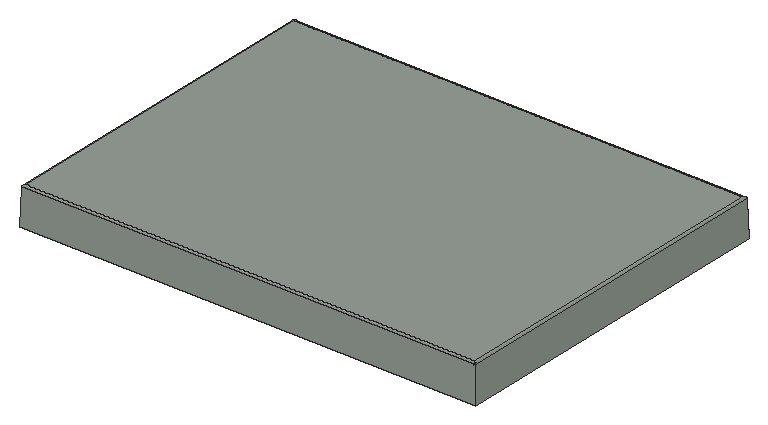
Revit family "82cef64c-f8c1-4249-8d04-0eb423859efa", category Site, Revit 2016
Family settings
  Part Type = Normal
  Round Connector Dimension = Use Diameter
  OmniClass Number = 23.10.00.00
  OmniClass Title = Site Products
  Work Plane-Based = No
  Always vertical = Yes
  Cut with Voids When Loaded = No
  Shared = No
Parameters (values of type "Standard")
  ecoScorecard data = ""
  ecoScorecard Product Page = ""
  Weight = 66.00 lbf  # constant formula
  Warranty = "5 Year Limited"  # constant formula
  Unit = Concrete - Stepstone - Agave1412
  URL = "stepstoneinc.com"
  Thickness = 2"  # constant formula
  Texture = "Sandblast"  # constant formula
  Technical Information = "http://www.stepstoneinc.com/docs/Stepstone_Product_Data_Sheet-Large_Scale_Narrow_Modular_Paver.pdf"
  Surface Finish = "Integral"  # constant formula
  Subcategory = "CalArc"  # constant formula
  Revit Object Download Link = "http://library.smartbim.com/download/Paver-Large_Scale-Stepstone-CalArc-18X24X2"
  Product Page URL = "http://www.stepstoneinc.com/calarc-pavers.php"
  Product Name = "Large Scale CalArc Paver"  # constant formula
  Product Line = "Pavers"  # constant formula
  Nominal Width = 24"  # constant formula
  Nominal Length = 18"  # constant formula
  Model = "18In x 24In x 2In"  # constant formula
  Material = "Precast Concrete"  # constant formula
  Manufacturer Toll Free Phone = "800.572.9029"  # constant formula
  Manufacturer Phone = "310.327.7474"  # constant formula
  Manufacturer Fax = "310.217.1424"  # constant formula
  Manufacturer Email = "mailto:sales@stepstoneinc.com"
  Manufacturer Address = "13252 S Figueroa St, Los Angeles 90061"  # constant formula
  Manufacturer = "Stepstone, Inc"  # constant formula
  Maintenance URL = ""
  Installation URL = ""
  Description = "Precast Concrete Paver"  # constant formula
  Cost Info = ""
  Color Availability = "Standard & Custom"  # constant formula
  95 CSI = ""
  04 CSI = ""
Reference planes (in)
  plane 1 "Center Front/Back": y = 0
  plane 2: z = 0
  plane 3 "Center Left/Right": x = 0
  plane 4: x = -12
  plane 5: x = 12
  plane 6: y = 9
  plane 7: y = -9
  plane 8: z = 2
Dimensions and locks (in)
  equal spacing: plane 4, plane 3 "Center Left/Right", plane 5
  "Nominal Width": plane 4 to plane 5
  equal spacing: plane 7, plane 1 "Center Front/Back", plane 6
  "Nominal Length": plane 6 to plane 7
  plane 5 to plane 4 = 24"
  plane 6 to plane 7 = 18"
  plane 8 to level = 2"
  aligned and locked: level to plane 2
  aligned and locked: plane 3 "Center Left/Right" to nested 1
  aligned and locked: plane 1 "Center Front/Back" to nested 1
Nested families (in)
  nested 1: "18X24X2" at (0, 0, 0), type "18X24X2"
    with Width 24"
Definition of nested family "18X24X2"
  Parameters
    Width = 18"
    Unit = none
    Thickness = 2"
    Depth = 18"
  Reference planes (in)
    plane 1 "Center (Front/Back)": y = 0
    plane 2: z = 0
    plane 3 "Center (Left/Right)": x = 0
    plane 4: x = -9
    plane 5: x = 9
    plane 6: y = 9
    plane 7: y = -9
    plane 8: z = 2
  Forms (in)
    Sweep 1, solid, material <- "Unit"
      path origin (0, 0, 0) x (1, 0, 0) y (0, 1, 0)
        loop
          line (-8.9375, 8.9375) -> (-8.9375, -8.9375) -> (8.9375, -8.9375) -> (8.9375, 8.9375) -> (-8.9375, 8.9375)
      profile origin (0, 8.9375, 0) x (0, 1, 0) y (0, 0, 1)
        loop
          line (0, 0) -> (-0.0459, 1.87815)
          arc (-0.0459, 1.87815) -> (-0.08353, 1.96449) -> (-0.17076, 2) r 0.1249
          line (-0.17076, 2) -> (-0.27723, 2) -> (-0.27723, 0) -> (0, 0)
    Extrusion 2, solid, material <- "Unit"
      sketch origin (0, 0, 0) x (1, 0, 0) y (0, 1, 0)
        loop
          line (-8.66027, 8.66027) -> (-8.66027, -8.66027) -> (8.66027, -8.66027) -> (8.66027, 8.66027) -> (-8.66027, 8.66027)
      from 0 to 2
  Cuts and joins
    joined: Sweep 1, Extrusion 2
  Lines and regions (in)
    Masking region 1
      outline origin (0, 0, 0) x (1, 0, 0) y (0, 1, 0)
        loop
          line (-8.9375, 8.9375) -> (-8.9375, -8.9375) -> (8.9375, -8.9375) -> (8.9375, 8.9375) -> (-8.9375, 8.9375)
    Masking region 2
      outline origin (0, 0, 0) x (1, 0, 0) y (0, 0, 1)
        loop
          line (-8.89142, 1.88568) -> (-8.9375, 0) -> (8.9375, 0) -> (8.89146, 1.88379)
          arc (8.89146, 1.88379) -> (8.85557, 1.96613) -> (8.77238, 2) r 0.11912
          line (8.77238, 2) -> (-8.77426, 2)
          arc (-8.77426, 2) -> (-8.85611, 1.96668) -> (-8.89142, 1.88568) r 0.11719
    Masking region 3
      outline origin (0, 0, 0) x (0, 1, 0) y (0, 0, 1)
        loop
          line (8.9375, 0) -> (8.89188, 1.86656)
          arc (8.89188, 1.86656) -> (8.85067, 1.96111) -> (8.75514, 2) r 0.13678
          line (8.75514, 2) -> (-8.77272, 2)
          arc (-8.77272, 2) -> (-8.85567, 1.96623) -> (-8.89145, 1.88414) r 0.11876
          line (-8.89145, 1.88414) -> (-8.9375, 0) -> (8.9375, 0)
  Dimensions and locks (in)
    equal spacing: plane 6, plane 1 "Center (Front/Back)", plane 7
    equal spacing: plane 4, plane 3 "Center (Left/Right)", plane 5
    "Width": plane 5 to plane 4
    "Depth": plane 6 to plane 7
    "Thickness": plane 8 to level
    aligned and locked: plane 2 to level
    aligned and locked: plane 8 to Masking region 2
    aligned and locked: Sweep 1 sketch curve to plane 8
  Automatic sketch dimensions
    plane 4 to Sweep 1 sketch curve = 1/16"
    Sweep 1 sketch curve to plane 5 = 1/16"
    plane 7 to Sweep 1 sketch curve = 1/16"
    Sweep 1 sketch curve to plane 6 = 1/16"
    plane 4 to Extrusion 2 sketch curve = 0.33973"
    Extrusion 2 sketch curve to plane 5 = 0.33973"
    plane 7 to Extrusion 2 sketch curve = 0.33973"
    Extrusion 2 sketch curve to plane 6 = 0.33973"
    Sweep 1 sketch curve to level = 0"
    Sweep 1 sketch curve to profile plane = 0"
    profile plane to Sweep 1 sketch curve = 0.0459"
    Sweep 1 sketch curve to Sweep 1 sketch curve = 0.12486"
    Sweep 1 sketch curve to Sweep 1 sketch curve = 0.10647"
    Sweep 1 sketch curve to Sweep 1 sketch curve = 0.00305"
    plane 4 to Masking region 1 sketch curve = 1/16"
    Masking region 1 sketch curve to plane 5 = 1/16"
    plane 7 to Masking region 1 sketch curve = 1/16"
    Masking region 1 sketch curve to plane 6 = 1/16"
    plane 4 to Masking region 2 sketch curve = 1/16"
    plane 4 to Masking region 2 sketch curve = 0.10858"
    Masking region 2 sketch curve to Masking region 2 sketch curve = 0.11715"
    Masking region 2 sketch curve to plane 5 = 0.22762"
    Masking region 2 sketch curve to Masking region 2 sketch curve = 0.11908"
    Masking region 2 sketch curve to plane 5 = 1/16"
    level to Masking region 2 sketch curve = 1 113/128"
    level to Masking region 2 sketch curve = 1.88088"
    Masking region 2 sketch curve to Masking region 2 sketch curve = 0.00286"
    Masking region 2 sketch curve to level = 0"
    plane 7 to Masking region 3 sketch curve = 1/16"
    plane 7 to Masking region 3 sketch curve = 0.10855"
    Masking region 3 sketch curve to Masking region 3 sketch curve = 0.11873"
    Masking region 3 sketch curve to plane 6 = 0.24486"
    Masking region 3 sketch curve to plane 6 = 0.10812"
    Masking region 3 sketch curve to plane 6 = 1/16"
    level to Masking region 3 sketch curve = 1.86322"
    Masking region 3 sketch curve to Masking region 3 sketch curve = 0.00334"
    Masking region 3 sketch curve to Masking region 3 sketch curve = 0.11876"
    Masking region 3 sketch curve to level = 0"
